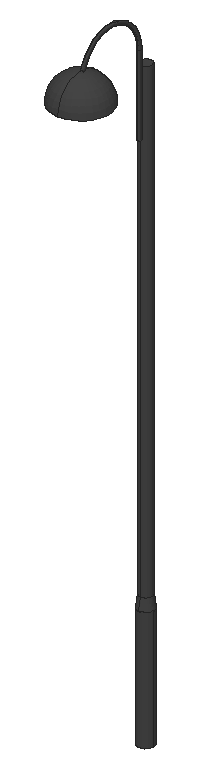
Revit family
Parameters
  Wattage = 250 W
  built-in parameter 1150110 = 1 (stored number, unit not read)
  built-in parameter 1114217 = 1 (stored number, unit not read)
  built-in parameter 1150109 = 1 (stored number, unit not read)
  built-in parameter 1150134 = 3
  built-in parameter 1150113 = 1 (stored number, unit not read)
  Material Post = Paint - Black Matte
  Main Radius = Base Radius - 25 mm  # 75 mm
  built-in parameter 1150105 = 1432.4 (stored number, unit not read)
  Lumens = 4500 lm
  built-in parameter 1150115 = 1 (stored number, unit not read)
  Light shade radius = 350 mm
  Light Source Symbol Size = 609.6 mm
  Light Overhang = 1000 mm
  built-in parameter 1150137 = (empty or 0)
  built-in parameter 1150139 = (empty or 0)
  built-in parameter 1150112 = 1 (stored number, unit not read)
  built-in parameter 1150114 = 1 (stored number, unit not read)
  Keynote = "V"
  built-in parameter 1150132 = (empty or 0)
  built-in parameter 1150102 = (empty or 0)
  built-in parameter 1150107 = 3200 (stored number, unit not read)
  built-in parameter 1150138 = (empty or 0)
  built-in parameter 1150106 = 14.324 (stored number, unit not read)
  Height = 7500 mm
  built-in parameter 1150104 = 1.6723 (stored number, unit not read)
  Dimming Lamp Color Temperature Shift = (empty or 0)
  Color Filter = 16777215
  Base Radius = 100 mm
  Base Height = 1500 mm
  built-in parameter 1114218 = 1 (stored number, unit not read)
  built-in parameter 1150133 = 10 (stored number, unit not read)
Reference planes
  plane 1 "Light Source Axis (F/B)": y = 0
  plane 2: z = 0
  plane 3 "Light Source Axis (L/R)": x = 0
  plane 4 "Light Source Elevation": z = 7500
  plane 5: z = 1500
  plane 6: z = 1650
  plane 7: y = -1000
  plane 8: z = 6700
  plane 9: z = 7950
  plane 10: y = -100
  plane 11: y = -550
  plane 12: z = 7700
  plane 13: z = 8100
  plane 14: y = -650
Forms (mm)
  Extrusion 1, solid, material "Paint - Black Matte" <- "Material Post"
    sketch origin (0, 0, 0) x (1, 0, 0) y (0, 1, 0)
      loop
        circle (0, 0) r 100
    from 0 to 1500
  Extrusion 2, solid, material "Paint - Black Matte" <- "Material Post"
    sketch origin (0, 0, 1650) x (0, -1, 0) y (-1, 0, 0)
      loop
        circle (0, 0) r 75
    from 0 to -5850
  Blend 3, solid, material "Paint - Black Matte" <- "Material Post"
    base sketch origin (0, 0, 1500) x (0, -1, 0) y (1, 0, 0)
      loop
        circle (0, 0) r 100
    top sketch origin (0, 0, 1500) x (0, -1, 0) y (1, 0, 0)
      loop
        circle (0, 0) r 75
    from 0 to 150
  Sweep 4, solid, material "Paint - Black Matte" <- "Material Post"
    path origin (0, 0, 0) x (0, 1, 0) y (0, 0, 1)
      loop
        line (-100, 6700) -> (-100, 7700)
        arc (-100, 7700) -> (-550, 8150) -> (-1000, 7700) r 450
    profile origin (0, 0, 7200) x (0, -1, 0) y (1, 0, 0)
      loop
        circle (100, 0) r 20
  Revolve 5, solid, material "Paint - Black Matte" <- "Material Post"
    sketch origin (0, 0, 0) x (0, 1, 0) y (0, 0, 1)
      loop
        arc (-650, 7500) -> (-752.513, 7747.487) -> (-1000, 7850) r 350
        line (-1000, 7850) -> (-1000, 7840)
        arc (-1000, 7840) -> (-759.584, 7740.416) -> (-660, 7500) r 340
        line (-660, 7500) -> (-650, 7500)
      axis (-1000, 7850) -> (-1000, 7500)
    angle from 0 to 360
Lines and regions (mm)
  Masking region 1
    outline origin (0, 0, 1500) x (0, -1, 0) y (1, 0, 0)
      loop
        arc (1020, 0) -> (1014.142, 14.142) -> (1000, 20) r 20
        line (1000, 20) -> (97.98, 20)
        arc (97.98, 20) -> (63.246, 77.46) -> (0, 100) r 100
        arc (0, 100) -> (-100, 0) -> (0, -100) r 100
        arc (0, -100) -> (63.246, -77.46) -> (97.98, -20) r 100
        line (97.98, -20) -> (1000, -20)
        arc (1000, -20) -> (1014.142, -14.142) -> (1020, 0) r 20
  symbolic lines
    curve 1: arc (0, -1020, 1500) -> (-20, -1000, 1500) -> (0, -980, 1500) r 20
    curve 2: arc (0, -980, 1500) -> (20, -1000, 1500) -> (0, -1020, 1500) r 20
    curve 3: arc (0, 75, 1500) -> (75, 0, 1500) -> (0, -75, 1500) r 75
    curve 4: arc (0, -75, 1500) -> (-75, 0, 1500) -> (0, 75, 1500) r 75
    curve 5: arc (-100, 0, 1500) -> (0, -100, 1500) -> (100, 0, 1500) r 100
    curve 6: arc (100, 0, 1500) -> (0, 100, 1500) -> (-100, 0, 1500) r 100
    curve 7: line (-20, -1000, 1500) -> (-20, -97.98, 1500)
    curve 8: line (20, -1000, 1500) -> (20, -97.98, 1500)
Dimensions and locks
  "Base Height": plane 5 to plane 2
  "Height": plane 4 "Light Source Elevation" to plane 2
  plane 6 to plane 5 = 150 mm
  locked: plane 8 to plane 4 "Light Source Elevation" at 800
  plane 7 to plane 1 "Light Source Axis (F/B)" = 1000 mm
  "Light Overhang": plane 1 "Light Source Axis (F/B)" to plane 7
  equal spacing: plane 10, plane 11, plane 7
  locked: plane 1 "Light Source Axis (F/B)" to plane 10 at 100
  "Light shade radius": plane 14 to plane 7
  plane 5 to plane 6 = 150 mm
  locked: Sweep 4 sketch curve to plane 7 at 0
  plane 4 "Light Source Elevation" to Sweep 4 sketch curve = 650 mm
  "Base Radius": radius of Extrusion 1 sketch curve
  "Main Radius": radius of Extrusion 2 sketch curve
  aligned and locked: Extrusion 2 to plane 6
  aligned and locked: Blend 3 to plane 6
  aligned and locked: Blend 3 sketch curve to Extrusion 1
  aligned and locked: Blend 3 sketch curve to Extrusion 2
  aligned and locked: Extrusion 1 to plane 5
  aligned and locked: curve 1 to Sweep 4
  aligned and locked: curve 2 to Sweep 4
  aligned and locked: curve 3 to Extrusion 2
  aligned and locked: curve 4 to Extrusion 2
  aligned and locked: curve 5 to Extrusion 1
  aligned and locked: curve 6 to Extrusion 1
  aligned and locked: Masking region 1 sketch curve to curve 1
  aligned and locked: Masking region 1 sketch curve to Extrusion 1  (x2)
  aligned and locked: Masking region 1 sketch curve to curve 2
  aligned and locked: plane 3 "Light Source Axis (L/R)" to imposter light
  aligned and locked: imposter light to plane 7
  aligned and locked: imposter light to plane 4 "Light Source Elevation"
Automatic sketch dimensions
  Extrusion 1 sketch curve to plane 1 "Light Source Axis (F/B)" = 0 mm
  Extrusion 1 sketch curve to plane 3 "Light Source Axis (L/R)" = 0 mm
  Extrusion 2 sketch curve to plane 1 "Light Source Axis (F/B)" = 0 mm
  Extrusion 2 sketch curve to plane 3 "Light Source Axis (L/R)" = 0 mm
  Sweep 4 sketch curve to plane 3 "Light Source Axis (L/R)" = 0 mm
  Sweep 4 sketch curve to profile plane = 0 mm
  Revolve 5 sketch curve to plane 4 "Light Source Elevation" = 0 mm
  Revolve 5 sketch curve to plane 7 = 0 mm  (x2)
  Revolve 5 sketch curve to plane 14 = 0 mm
  Revolve 5 sketch curve to plane 14 = 10 mm
  Revolve 5 sketch curve to level = 508 mm
  Revolve 5 sketch curve to plane 13 = 653 mm
  Sweep 4 sketch curve to plane 11 = 0 mm
  Sweep 4 sketch curve to plane 8 = 0 mm
  curve 7 to plane 7 = 0 mm
  curve 8 to plane 7 = 0 mm
  Masking region 1 sketch curve to Masking region 1 sketch curve = 0 mm
  radius of Sweep 4 sketch curve = 20 mm
